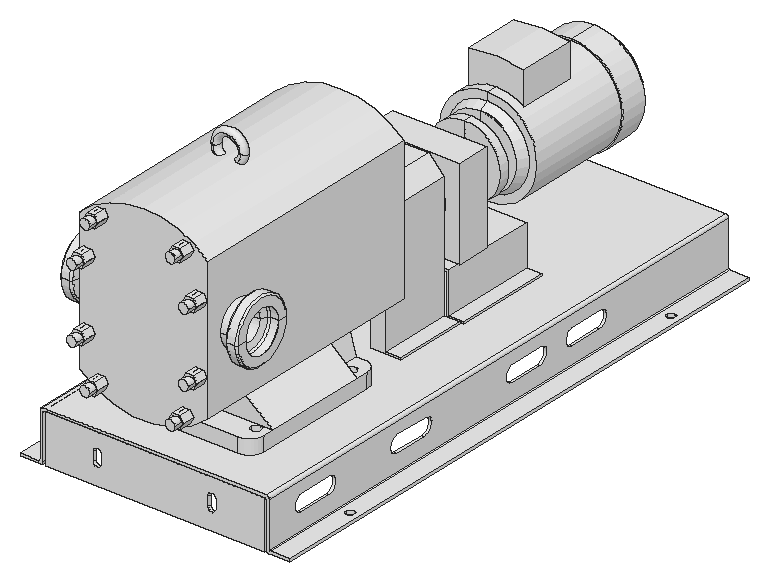
Revit family "MLP 80 - MR172 - Lobe Pump", category Specialty Equipment, Revit 2022
Family settings
  Round Connector Dimension = Use Diameter
  Part Type = Normal
  Work Plane-Based = No
  Always vertical = Yes
  Cut with Voids When Loaded = No
  Maintain Annotation Orientation = No
  Shared = No
  Room Calculation Point = No
Parameters (values of type "MLP 80 - MR172")
  URL = "https://en.ekinendustriyel.com/lobe-pumps/lobe-pumps"
  Pressure = 15.0 bar  # constant formula
  Motor Power = 15 kW  # constant formula
  Model = "MLP-80-TUL - MR172"
  Manufacturer = "Ekin Endüstriyel"
  Keynote = "Lobe Pump"
  Flow = 40.0 m³/h  # constant formula
  Description = "MIT MLP 80 - Lobe Pump"
  Default Elevation = 0 mm
Reference planes
  plane 1 "Center (Front/Back)": y = 0
  plane 2: z = 0
  plane 3 "Center (Left/Right)": x = -884.748
Forms (mm)
  Extrusion 1, solid, material "Ekin Endüstriyel_StainlesSteel"
    sketch origin (0, 0, 0) x (1, 0, 0) y (0, 0, 1)
      loop
        line (-996.247, 346.711) -> (-996.247, 101.086)
        arc (-996.247, 101.086) -> (-884.747, 58.329) -> (-773.247, 101.086) r 166.761
        line (-773.247, 101.086) -> (-773.247, 346.711)
        arc (-773.247, 346.711) -> (-884.747, 390.131) -> (-996.247, 346.711) r 164.871
    from 0 to -428.2
  Sweep 2, solid, material "Ekin Endüstriyel_StainlesSteel"
    path origin (0, 0, 0) x (1, 0, 0) y (0, 0, 1)
      loop
        circle (-884.748, 403.317) r 30.936
    profile origin (-884.748, 0, 372.381) x (0, 0, 1) y (0, -1, 0)
      loop
        circle (7, -188.264) r 7
  Extrusion 3, solid, material "Ekin Endüstriyel_StainlesSteel", detail levels coarse
    sketch origin (-884.748, 0, 0) x (0, 1, 0) y (0, 0, 1)
      loop
        circle (65.098, 223.898) r 55
    from 111.501 to 154.598
  Extrusion 4, solid, material "Ekin Endüstriyel_StainlesSteel", detail levels medium
    sketch origin (-884.748, 0, 0) x (0, 1, 0) y (0, 0, 1)
      loop
        circle (65.098, 223.898) r 55
      loop
        circle (65.098, 223.898) r 36
    from 111.501 to 154.598
  Revolve 5, solid, material "Ekin Endüstriyel_StainlesSteel", detail levels fine
    sketch origin (0, 0, 223.898) x (1, 0, 0) y (0, 1, 0)
      loop
        line (-730.15, 117.063) -> (-733.185, 120.098) -> (-747.257, 120.098) -> (-750.763, 117.156) -> (-752.708, 106.124)
        arc (-752.708, 106.124) -> (-753.905, 104.051) -> (-756.155, 103.232) r 3.5
        line (-756.155, 103.232) -> (-773.247, 103.232) -> (-773.247, 90.657) -> (-753.574, 90.657) -> (-750.765, 101.923) -> (-747.147, 104.012) -> (-733.289, 104.012) -> (-730.15, 101.814) -> (-730.15, 117.063)
      axis (-773.247, 65.098) -> (-730.15, 65.098)
    angle from 0 to 360
  Extrusion 6, solid, material "Ekin Endüstriyel_StainlesSteel"
    sketch origin (0, 0, 0) x (1, 0, 0) y (0, 1, 0)
      loop
        line (-976.497, 91.114) -> (-792.997, 91.114)
        arc (-792.997, 91.114) -> (-775.32, 98.437) -> (-767.997, 116.114) r 25
        line (-767.997, 116.114) -> (-767.997, 341.114)
        arc (-767.997, 341.114) -> (-775.32, 358.792) -> (-792.997, 366.114) r 25
        line (-792.997, 366.114) -> (-976.497, 366.114)
        arc (-976.497, 366.114) -> (-994.175, 358.792) -> (-1001.497, 341.114) r 25
        line (-1001.497, 341.114) -> (-1001.497, 116.114)
        arc (-1001.497, 116.114) -> (-994.175, 98.437) -> (-976.497, 91.114) r 25
    from 0 to 25.35
  Extrusion 7, solid, material "Ekin Endüstriyel_StainlesSteel"
    sketch origin (0, 0, 0) x (1, 0, 0) y (0, 0, 1)
      loop
        line (-1001.497, 25.35) -> (-767.997, 25.35) -> (-823.241, 70.086)
        arc (-823.241, 70.086) -> (-884.747, 58.329) -> (-946.253, 70.086) r 166.761
        line (-946.253, 70.086) -> (-1001.497, 25.35)
    from -319.675 to -135.888
  Extrusion 8, solid, material "Ekin Endüstriyel_StainlesSteel"
    sketch origin (0, 0, 0) x (1, 0, 0) y (0, 0, 1)
      loop
        line (-807.997, 25.35) -> (-820.094, 67.537) -> (-823.241, 70.086)
        arc (-823.241, 70.086) -> (-884.747, 58.329) -> (-946.253, 70.086) r 166.761
        line (-946.253, 70.086) -> (-949.4, 67.537) -> (-961.497, 25.35) -> (-807.997, 25.35)
    from -366.114 to -173.027
  Extrusion 9, void
    sketch origin (0, 0, 0) x (1, 0, 0) y (0, 1, 0)
      loop
        circle (-981.247, 124.701) r 9
      loop
        circle (-981.247, 332.528) r 9
      loop
        circle (-788.249, 124.701) r 9
      loop
        circle (-788.249, 332.528) r 9
    from 0 to 39.733
  Extrusion 10, solid, material "Ekin Endüstriyel_StainlesSteel", detail levels coarse
    sketch origin (-884.748, 0, 0) x (0, 1, 0) y (0, 0, -1)
      loop
        circle (65.098, -223.898) r 55
    from 111.501 to 154.598
  Extrusion 11, solid, material "Ekin Endüstriyel_StainlesSteel", detail levels medium
    sketch origin (-884.748, 0, 0) x (0, 1, 0) y (0, 0, -1)
      loop
        circle (65.098, -223.898) r 55
      loop
        circle (65.098, -223.898) r 36
    from 111.501 to 154.598
  Revolve 12, solid, material "Ekin Endüstriyel_StainlesSteel", detail levels fine
    sketch origin (-1769.496, 0, 223.898) x (-1, 0, 0) y (0, -1, 0)
      loop
        line (-730.15, -117.063) -> (-730.15, -101.814) -> (-733.289, -104.012) -> (-747.147, -104.012) -> (-750.765, -101.923) -> (-753.574, -90.657) -> (-773.247, -90.657) -> (-773.247, -103.232) -> (-756.155, -103.232)
        arc (-756.155, -103.232) -> (-753.905, -104.051) -> (-752.708, -106.124) r 3.5
        line (-752.708, -106.124) -> (-750.763, -117.156) -> (-747.257, -120.098) -> (-733.185, -120.098) -> (-730.15, -117.063)
      axis (-773.247, -65.098) -> (-730.15, -65.098)
    angle from 0 to 360
  Extrusion 13, solid, material "Ekin Endüstriyel_StainlesSteel", detail levels medium+fine
    sketch origin (0, 0, 0) x (1, 0, 0) y (0, 0, 1)
      loop
        line (-946.565, 354.5) -> (-952.906, 365.484) -> (-965.589, 365.484) -> (-971.931, 354.5) -> (-965.589, 343.517) -> (-952.906, 343.517) -> (-946.565, 354.5)
      loop
        line (-969.741, 283.984) -> (-976.083, 294.968) -> (-988.766, 294.968) -> (-995.107, 283.984) -> (-988.766, 273) -> (-976.083, 273) -> (-969.741, 283.984)
      loop
        circle (-959.257, 354.516) r 8.514
      loop
        circle (-982.434, 284) r 8.514
      loop
        line (-822.931, 354.5) -> (-816.59, 343.517) -> (-803.907, 343.517) -> (-797.565, 354.5) -> (-803.907, 365.484) -> (-816.59, 365.484) -> (-822.931, 354.5)
      loop
        line (-799.755, 283.984) -> (-793.413, 273) -> (-780.73, 273) -> (-774.389, 283.984) -> (-780.73, 294.968) -> (-793.413, 294.968) -> (-799.755, 283.984)
      loop
        circle (-810.238, 354.516) r 8.514
      loop
        circle (-787.062, 284) r 8.514
      loop
        line (-946.565, 93.296) -> (-952.906, 104.28) -> (-965.589, 104.28) -> (-971.931, 93.296) -> (-965.589, 82.313) -> (-952.906, 82.313) -> (-946.565, 93.296)
      loop
        line (-969.741, 163.813) -> (-976.083, 174.797) -> (-988.766, 174.797) -> (-995.107, 163.813) -> (-988.766, 152.829) -> (-976.083, 152.829) -> (-969.741, 163.813)
      loop
        circle (-959.257, 93.281) r 8.514
      loop
        circle (-982.434, 163.797) r 8.514
      loop
        line (-822.931, 93.296) -> (-816.59, 82.313) -> (-803.907, 82.313) -> (-797.565, 93.296) -> (-803.907, 104.28) -> (-816.59, 104.28) -> (-822.931, 93.296)
      loop
        line (-799.755, 163.813) -> (-793.413, 152.829) -> (-780.73, 152.829) -> (-774.389, 163.813) -> (-780.73, 174.797) -> (-793.413, 174.797) -> (-799.755, 163.813)
      loop
        circle (-810.238, 93.281) r 8.514
      loop
        circle (-787.062, 163.797) r 8.514
    from 0 to 21.863
  Extrusion 14, solid, material "Ekin Endüstriyel_StainlesSteel"
    sketch origin (0, 0, 0) x (1, 0, 0) y (0, 0, 1)
      loop
        circle (-959.257, 354.516) r 8.514
      loop
        circle (-982.434, 284) r 8.514
      loop
        circle (-810.238, 354.516) r 8.514
      loop
        circle (-787.062, 284) r 8.514
      loop
        circle (-959.257, 93.281) r 8.514
      loop
        circle (-982.434, 163.797) r 8.514
      loop
        circle (-810.238, 93.281) r 8.514
      loop
        circle (-787.062, 163.797) r 8.514
    from 0 to 34.94
  Extrusion 15, solid, material "Ekin Endüstriyel_StainlesSteel"
    sketch origin (0, 428.2, 0) x (-1, 0, 0) y (0, 0, 1)
      loop
        circle (884.93, 164.108) r 21
    from 0 to 75.746
  Extrusion 16, solid, material "Ekin Endüstriyel_StainlesSteel", detail levels medium+fine
    sketch origin (-884.754, 277.832, 0) x (-1, 0, 0) y (0, 0, 1)
      loop
        line (234.987, -85) -> (201.994, -85)
        arc (201.994, -85) -> (200.58, -84.414) -> (199.994, -83) r 2
        line (199.994, -83) -> (199.994, -5)
        arc (199.994, -5) -> (198.53, -1.464) -> (194.994, 0) r 5
        line (194.994, 0) -> (-195.006, 0)
        arc (-195.006, 0) -> (-198.541, -1.464) -> (-200.006, -5) r 5
        line (-200.006, -5) -> (-200.006, -83)
        arc (-200.006, -83) -> (-200.592, -84.414) -> (-202.006, -85) r 2
        line (-202.006, -85) -> (-235.013, -85) -> (-235.013, -90) -> (-200.006, -90)
        arc (-200.006, -90) -> (-196.47, -88.536) -> (-195.006, -85) r 5
        line (-195.006, -85) -> (-195.006, -7)
        arc (-195.006, -7) -> (-194.42, -5.586) -> (-193.006, -5) r 2
        line (-193.006, -5) -> (192.994, -5)
        arc (192.994, -5) -> (194.408, -5.586) -> (194.994, -7) r 2
        line (194.994, -7) -> (194.994, -85)
        arc (194.994, -85) -> (196.459, -88.536) -> (199.994, -90) r 5
        line (199.994, -90) -> (234.987, -90) -> (234.987, -85)
    from -253.198 to 746.802
  Extrusion 17, void
    sketch origin (-684.748, 277.832, -5) x (0, 0, -1) y (0, 1, 0)
      loop
        line (20, -123.198) -> (20, -183.198)
        arc (20, -183.198) -> (35, -198.198) -> (50, -183.198) r 15
        line (50, -183.198) -> (50, -123.198)
        arc (50, -123.198) -> (35, -108.198) -> (20, -123.198) r 15
      loop
        arc (20, 24.802) -> (35, 9.802) -> (50, 24.802) r 15
        line (50, 24.802) -> (50, 84.802)
        arc (50, 84.802) -> (35, 99.802) -> (20, 84.802) r 15
        line (20, 84.802) -> (20, 24.802)
      loop
        line (20, 336.802) -> (20, 276.802)
        arc (20, 276.802) -> (35, 261.802) -> (50, 276.802) r 15
        line (50, 276.802) -> (50, 336.802)
        arc (50, 336.802) -> (35, 351.802) -> (20, 336.802) r 15
      loop
        arc (20, 406.802) -> (35, 391.802) -> (50, 406.802) r 15
        line (50, 406.802) -> (50, 466.802)
        arc (50, 466.802) -> (35, 481.802) -> (20, 466.802) r 15
        line (20, 466.802) -> (20, 406.802)
    from 0 to -400
  Extrusion 18, solid, material "Ekin Endüstriyel_StainlesSteel", detail levels medium+fine
    sketch origin (-884.754, 904.582, 0) x (1, 0, 0) y (0, 0, 1)
      loop
        line (-110.994, -70) -> (111.006, -70) -> (111.006, -5) -> (-110.994, -5) -> (-110.994, -70)
      loop
        arc (-67.494, -27.5) -> (-74.994, -20) -> (-82.494, -27.5) r 7.5
        line (-82.494, -27.5) -> (-82.494, -42.5)
        arc (-82.494, -42.5) -> (-74.994, -50) -> (-67.494, -42.5) r 7.5
        line (-67.494, -42.5) -> (-67.494, -27.5)
      loop
        arc (82.506, -27.5) -> (75.006, -20) -> (67.506, -27.5) r 7.5
        line (67.506, -27.5) -> (67.506, -42.5)
        arc (67.506, -42.5) -> (75.006, -50) -> (82.506, -42.5) r 7.5
        line (82.506, -42.5) -> (82.506, -27.5)
    from 34.948 to 29.948
  Extrusion 19, void
    sketch origin (-884.754, 277.832, 0) x (0, 1, 0) y (-1, 0, 0)
      loop
        circle (596.802, 219.994) r 7.5
      loop
        circle (-103.198, 219.994) r 7.5
      loop
        circle (-103.198, -220.006) r 7.5
      loop
        circle (596.802, -220.006) r 7.5
    from -90 to -57
  Extrusion 20, solid, material "Ekin Endüstriyel_StainlesSteel", detail levels coarse
    sketch origin (-884.754, 277.832, 0) x (0, 1, 0) y (-1, 0, 0)
      loop
        line (-253.198, -235.006) -> (746.802, -235.006) -> (746.802, 234.994) -> (-253.198, 234.994) -> (-253.198, -235.006)
    from 0 to -90
  Extrusion 21, solid, material "Ekin Endüstriyel_StainlesSteel", detail levels medium+fine
    sketch origin (-884.754, 404.082, 0) x (-1, 0, 0) y (0, 0, 1)
      loop
        line (-75.552, 220.119) -> (-75.552, 3) -> (-102, 3) -> (-102, 0) -> (-50.552, 0) -> (-50.552, 209.763) -> (-38.133, 222.182) -> (38.136, 222.182) -> (50.554, 209.763) -> (50.554, 0) -> (102, 0) -> (102, 3) -> (75.554, 3) -> (75.554, 220.119) -> (48.323, 247.349) -> (-48.321, 247.349) -> (-75.552, 220.119)
    from 28.94 to 156.702
  Extrusion 22, solid, material "Ekin Endüstriyel_StainlesSteel", detail levels coarse
    sketch origin (-884.754, 277.832, 0) x (-1, 0, 0) y (0, 0, 1)
      loop
        line (-102.006, 74.05) -> (-102.006, 0) -> (101.994, 0) -> (101.994, 74.05) -> (-102.006, 74.05)
    from 286.802 to 456.802
  Extrusion 23, solid, material "Ekin Endüstriyel_StainlesSteel", detail levels coarse
    sketch origin (-884.754, 404.082, 0) x (-1, 0, 0) y (0, 0, 1)
      loop
        line (-75.552, 220.119) -> (-75.552, 0) -> (75.554, 0) -> (75.554, 220.119) -> (48.323, 247.349) -> (-48.321, 247.349) -> (-75.552, 220.119)
    from 28.94 to 156.702
  Extrusion 24, solid, material "Ekin Endüstriyel_StainlesSteel", detail levels medium+fine
    sketch origin (-884.754, 277.832, 0) x (-1, 0, 0) y (0, 0, 1)
      loop
        line (-107, 3) -> (-107, 0) -> (-77, 0) -> (-77, 71) -> (76.994, 71) -> (76.994, 0) -> (106.994, 0) -> (106.994, 3) -> (79.994, 3) -> (79.994, 74) -> (-80, 74) -> (-80, 3) -> (-107, 3)
    from 286.802 to 456.802
  Extrusion 25, solid, material "Ekin Endüstriyel_StainlesSteel", detail levels coarse
    sketch origin (-884.754, 277.832, 10) x (-1, 0, 0) y (0, 0, 1)
      loop
        circle (-0.388, 148.066) r 88.026
    from 421.831 to 729.376
  Extrusion 26, solid, material "Ekin Endüstriyel_StainlesSteel", detail levels medium+fine
    sketch origin (-884.754, 277.832, 0) x (-1, 0, 0) y (0, 0, 1)
      loop
        line (-81.999, 74.05) -> (82.001, 74.05) -> (82.001, 231) -> (-81.999, 231) -> (-81.999, 74.05)
    from 309.42 to 368.908
  Revolve 27, solid, material "Ekin Endüstriyel_StainlesSteel", detail levels medium+fine
    sketch origin (-884.366, 277.832, 83) x (0, 0, -1) y (0, 1, 0)
      loop
        line (-75.066, 729.376) -> (-138.11, 729.376) -> (-163.093, 704.393) -> (-163.093, 655.452) -> (-160.367, 655.452) -> (-160.367, 472.892) -> (-146.152, 472.892) -> (-138.498, 455.886) -> (-118.503, 455.886) -> (-118.503, 438.087) -> (-137.862, 438.087) -> (-137.862, 421.831) -> (-75.066, 421.831) -> (-75.066, 729.376)
      loop
        line (-130.363, 296.498) -> (-115.839, 296.498) -> (-115.839, 291.498) -> (-98.579, 291.498) -> (-98.579, 283.466) -> (-75.066, 283.466) -> (-75.066, 309.42) -> (-130.613, 309.42) -> (-130.363, 296.498)
      axis (-75.066, 283.466) -> (-75.066, 729.376)
    angle from 0 to 360
  Extrusion 28, solid, material "Ekin Endüstriyel_StainlesSteel", detail levels medium+fine
    sketch origin (-884.366, 1007.207, 174.785) x (-1, 0, 0) y (0, 0, 1)
      loop
        line (-48.081, 40.981) -> (48.909, 40.981) -> (48.909, 112.154)
        arc (48.909, 112.154) -> (0.411, 116.607) -> (-48.081, 112.088) r 264.363
        line (-48.081, 112.088) -> (-48.081, 40.981)
    from -238.177 to -139.169
  Extrusion 29, solid, material "Ekin Endüstriyel_StainlesSteel", detail levels coarse
    sketch origin (-814.754, 277.832, 74) x (-1, 0, 0) y (0, -1, 0)
      loop
        line (152.186, -421.831) -> (152.186, -282.952) -> (-12.51, -282.952) -> (-12.51, -421.831) -> (152.186, -421.831)
    from 0.05 to 157
  Extrusion 30, solid, material "Ekin Endüstriyel_StainlesSteel", detail levels medium+fine
    sketch origin (-884.754, 59.582, 0) x (1, 0, 0) y (0, 0, 1)
      loop
        line (-190.994, -90) -> (191.006, -90) -> (191.006, -5) -> (-190.994, -5) -> (-190.994, -90)
      loop
        arc (-92.494, -37.5) -> (-99.994, -30) -> (-107.494, -37.5) r 7.5
        line (-107.494, -37.5) -> (-107.494, -52.5)
        arc (-107.494, -52.5) -> (-99.994, -60) -> (-92.494, -52.5) r 7.5
        line (-92.494, -52.5) -> (-92.494, -37.5)
      loop
        arc (107.506, -37.5) -> (100.006, -30) -> (92.506, -37.5) r 7.5
        line (92.506, -37.5) -> (92.506, -52.5)
        arc (92.506, -52.5) -> (100.006, -60) -> (107.506, -52.5) r 7.5
        line (107.506, -52.5) -> (107.506, -37.5)
    from 34.948 to 29.948
Cuts and joins
  joined: Extrusion 1, Sweep 2
  joined: Extrusion 7, Extrusion 8
  Extrusion 9 cuts Extrusion 6
  Extrusion 17, Extrusion 19 cuts Extrusion 16
  joined: Revolve 27, Extrusion 28
Dimensions and locks
  aligned and locked: level to plane 2
Connectors
  piping at (-730.15, 65.098, 223.898), diameter 101.6
    settings: on Extrusion 3, index 1, connector inside diameter 609.6 mm, connector length 0 mm, flow factor 0, pipe flow 0.0 m³/h, pressure drop 0.0 bar, fitting loss kfactor 0, connector angle 0.00°, fixture units 0, engagement length 0 mm, angle of deflection 0.00°, flow configuration 0, flow direction 0, fitting loss method 0, system type 7, joint type 0, gender type 0, connector reference index -1, connector utility 0, adjustable connector no, is connector primary yes, connector description ""
  piping at (-1039.346, 65.098, 223.898), diameter 101.6
    settings: on Extrusion 10, index 2, connector inside diameter 609.6 mm, connector length 0 mm, flow factor 0, pipe flow 0.0 m³/h, pressure drop 0.0 bar, fitting loss kfactor 0, connector angle 0.00°, fixture units 0, engagement length 0 mm, angle of deflection 0.00°, flow configuration 0, flow direction 0, fitting loss method 0, system type 7, joint type 0, gender type 0, connector reference index -1, connector utility 0, adjustable connector no, is connector primary no, connector description ""
